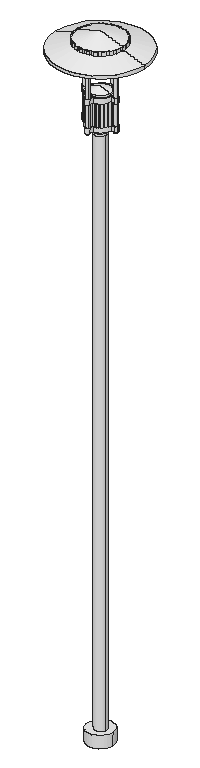
Revit family "BNS1", category Lighting Fixtures, Revit 2013 (continued)
Definition of nested family "Lighting_Fixture-Kim_Lighting-Post"
  Dimensions and locks (in)
    Masking region 2 sketch curve to Masking region 2 sketch curve to plane 3 "Center (Left/Right)" to Masking region 2 sketch curve to Masking region 2 sketch curve = 2 1/2" locked, 2" locked, 2" locked, 2 1/2" locked
    Masking region 3 sketch curve to Masking region 3 sketch curve to plane 1 "Center (Front/Back)" to Masking region 3 sketch curve to Masking region 3 sketch curve = 2 1/2" locked, 2" locked, 2" locked, 2 1/2" locked
    "Pole Radius": plane 3 "Center (Left/Right)" to Masking region 4 sketch curve
    "Pole Radius": Masking region 4 sketch curve to plane 3 "Center (Left/Right)"
    "Pole Radius": Masking region 5 sketch curve to plane 1 "Center (Front/Back)"
    "Pole Radius": plane 1 "Center (Front/Back)" to Masking region 5 sketch curve
    "Base Radius": plane 6 to plane 1 "Center (Front/Back)"
    "Base Radius": plane 1 "Center (Front/Back)" to plane 9
    "Base Radius": plane 7 to plane 3 "Center (Left/Right)"
    "Base Radius": plane 3 "Center (Left/Right)" to plane 8
    locked: plane 4 "Top" to Extrusion 3 at 1.00189
    "Cap Radius": Masking region 6 sketch curve to plane 3 "Center (Left/Right)"  (x2)
    "Base Radius": radius of Extrusion 1 sketch curve
    "Pole Radius": radius of Extrusion 2 sketch curve
    "Base Radius": radius of curve 2
    "Pole Radius": radius of curve 1
    "Base Radius": radius of Masking region 1 sketch curve
    "Cap Radius": radius of Extrusion 3 sketch curve
    aligned and locked: plane 1 "Center (Front/Back)" to Extrusion 1 sketch curve
    aligned and locked: plane 3 "Center (Left/Right)" to Extrusion 1 sketch curve
    aligned and locked: Extrusion 1 to level
    aligned and locked: plane 2 to Extrusion 1
    aligned and locked: plane 1 "Center (Front/Back)" to Extrusion 2 sketch curve
    aligned and locked: plane 3 "Center (Left/Right)" to Extrusion 2 sketch curve
    aligned and locked: plane 4 "Top" to Extrusion 2
    aligned and locked: plane 3 "Center (Left/Right)" to curve 1
    aligned and locked: plane 3 "Center (Left/Right)" to curve 2
    aligned and locked: plane 1 "Center (Front/Back)" to curve 2
    aligned and locked: plane 1 "Center (Front/Back)" to curve 1
    aligned and locked: plane 3 "Center (Left/Right)" to Masking region 1 sketch curve
    aligned and locked: plane 1 "Center (Front/Back)" to Masking region 1 sketch curve
    aligned and locked: Extrusion 2 to level
    aligned and locked: Masking region 2 sketch curve to level
    aligned and locked: plane 2 to Masking region 2 sketch curve  (x2)
    aligned and locked: plane 4 "Top" to Masking region 2 sketch curve
    aligned and locked: Masking region 2 to curve 3  (x2)
    aligned and locked: curve 3 to plane 2
    aligned and locked: plane 4 "Top" to Masking region 3 sketch curve
    aligned and locked: plane 2 to Masking region 3 sketch curve  (x2)
    aligned and locked: Masking region 3 sketch curve to level
    aligned and locked: Masking region 3 to curve 4
    aligned and locked: plane 5 to curve 4
    aligned and locked: curve 4 to plane 2
    aligned and locked: level to Masking region 4 sketch curve
    aligned and locked: Masking region 4 sketch curve to plane 4 "Top"
    aligned and locked: level to Masking region 5 sketch curve
    aligned and locked: Masking region 5 sketch curve to plane 4 "Top"
    aligned and locked: plane 7 to curve 5
    aligned and locked: plane 9 to curve 5
    aligned and locked: plane 6 to curve 8
    aligned and locked: curve 8 to plane 8
    aligned and locked: plane 4 "Top" to Extrusion 3
    aligned and locked: plane 4 "Top" to Masking region 6 sketch curve
    aligned and locked: Masking region 6 sketch curve to Extrusion 3
  Automatic sketch dimensions
    Extrusion 3 sketch curve to plane 1 "Center (Front/Back)" = 0"
    Extrusion 3 sketch curve to plane 3 "Center (Left/Right)" = 0"
Definition of nested family "Notation"
  Parameters (values of type "Notation")
    Notation = "LF"
  Reference planes (in)
    plane 1: y = 0
    plane 2: x = 0
  Text (in)
    label "Notation" at (0.02149, 0.07192, 0), shows "Notation"
